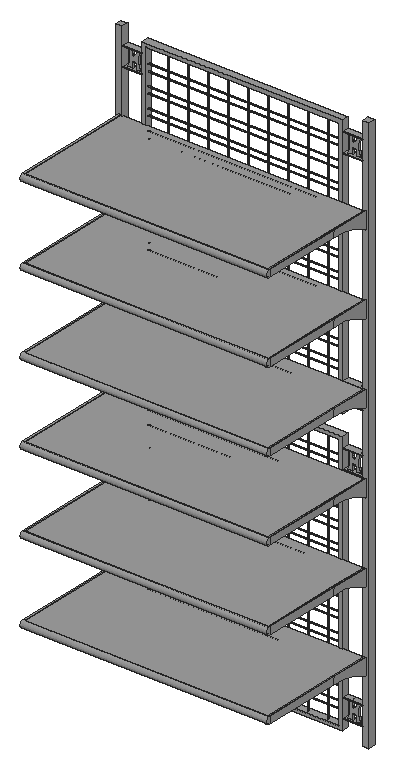
Revit family "LUXE", category Furniture, Revit 2012
Parameters
  Width Between Outriggers [instance] = Frame Width + 0' 7"  # 3' - 0"
  URL = "http://www.madixinc.com/display/luxe/"
  Top Grid on/off [instance] = yes
  Top Frame Height [instance] = 3' - 3 1/2"
  Spacing Between Grids [instance] = 0' - 3"
  Shelf Width [instance] = Width Between Outriggers + 0' 0 1/2"  # 3' - 0 1/2"
  Shelf Depth [instance] = 1' - 6"
  Shelf Material [instance] = Madix Default
  Shelf Frame Material [instance] = Madix Default
  Shelf 9-on/off [instance] = yes
  Shelf 8-on/off [instance] = no
  Shelf 7-on/off [instance] = no
  Shelf 6-on/off [instance] = yes
  Shelf 5-on/off [instance] = no
  Shelf 4-on/off [instance] = no
  Shelf 3-on/off [instance] = yes
  Shelf 24-on/off [instance] = no
  Shelf 23-on/off [instance] = no
  Shelf 22-on/off [instance] = no
  Shelf 21-on/off [instance] = no
  Shelf 20-on/off [instance] = no
  Shelf 2-on/off [instance] = no
  Shelf 19-on/off [instance] = no
  Shelf 18-on/off [instance] = yes
  Shelf 17-on/off [instance] = no
  Shelf 16-on/off [instance] = no
  Shelf 15-on/off [instance] = yes
  Shelf 14-on/off [instance] = no
  Shelf 13-on/off [instance] = no
  Shelf 12-on/off [instance] = yes
  Shelf 11-on/off [instance] = no
  Shelf 10-on/off [instance] = no
  Shelf 1-on/off [instance] = no
  Outrigger Height [instance] = Bottom Frame Height + Spacing Between Grids + Top Frame Height + 0' 2"  # 7' - 0"
  Model = "Luxe Aisle and Wall Fixture"
  Manufacturer = "© 2013 Madix, Inc. All rights reserved."
  MATERIAL [instance] = Madix Default
  Harmonic Grid Material [instance] = Madix Default
  Harmonic Grid Length = 2' - 0"
  Frame Width [instance] = 2' - 5"
  Distance Between Shelves [instance] = 0' - 1 1/2"
  Bottom Grid on/off [instance] = yes
  Bottom Frame Height [instance] = 3' - 3 1/2"
Reference planes (in)
  plane 1 "Center (Front/Back)": y = 0
  plane 2: z = 0
  plane 3 "Center (Left/Right)": x = 0
Forms (in)
  Extrusion 1, solid, material "Madix Default" <- "MATERIAL"
    sketch origin (0, 0, 0.7824) x (1, 0, 0) y (0, 1, 0)
      loop
        line (-4, 0.5) -> (-4, -0.5) -> (-2.99955, -0.5) -> (-2.99955, 0.5) -> (-4, 0.5)
    from -0.7824 to 83.2176
  Extrusion 2, solid, material "Madix Default" <- "MATERIAL"
    sketch origin (23.00045, 0, 0.7824) x (1, 0, 0) y (0, 1, 0)
      loop
        line (10, 0.5) -> (10, -0.5) -> (11.00045, -0.5) -> (11.00045, 0.5) -> (10, 0.5)
    from -0.7824 to 83.2176
Dimensions and locks (in)
  "Spacing Between Grids": nested 2 to nested 1
  "Outrigger Height": Extrusion 1 to Extrusion 1
  "Outrigger Height": Extrusion 2 to Extrusion 2
  locked: nested 1 to Extrusion 2 at 2.5
  "Width Between Outriggers": Extrusion 2 to Extrusion 1
  aligned and locked: plane 2 to level
  aligned and locked: Extrusion 1 to level
  aligned and locked: Extrusion 2 to level
Automatic sketch dimensions
  plane 1 "Center (Front/Back)" to Extrusion 1 sketch curve = 0' - 0 1/2"
  Extrusion 1 sketch curve to plane 3 "Center (Left/Right)" = 0' - 4"
  Extrusion 1 sketch curve to Extrusion 1 sketch curve = 0' - 1.00045"
  Extrusion 1 sketch curve to plane 1 "Center (Front/Back)" = 0' - 0 1/2"
  plane 1 "Center (Front/Back)" to Extrusion 2 sketch curve = 0' - 0 1/2"
  plane 3 "Center (Left/Right)" to Extrusion 2 sketch curve = 2' - 9.00045"
  Extrusion 2 sketch curve to Extrusion 2 sketch curve = 0' - 1.00045"
  Extrusion 2 sketch curve to plane 1 "Center (Front/Back)" = 0' - 0 1/2"
Nested families (in)
  nested 1: "Luxe_HarmonicGrid" at (0, 0, 0.99885), Frame Height <- "Bottom Frame Height", Frame Width <- "Frame Width", visible <- "Bottom Grid on/off", type "Luxe_HarmonicGrid"
    with Vertical Chord 3' - 3", Number of Vertical Chords 9, Number Of Chords 12, Horizontal Chord Width 2' - 5", Frame Width 2' - 5", Frame Height 3' - 3 1/2", Chord Width 1' - 5", Chord Spacing Vertically 0' - 3", Chord Spacing Horizontally 0' - 3", Chord Height 3' - 2 1/2"
  nested 2: "Luxe_HarmonicGrid" at (0, 0, 43.49885), Frame Height <- "Top Frame Height", Frame Width <- "Frame Width", visible <- "Top Grid on/off", type "Luxe_HarmonicGrid"
    with Vertical Chord 3' - 3", Number of Vertical Chords 9, Number Of Chords 12, Horizontal Chord Width 2' - 5", Frame Width 2' - 5", Frame Height 3' - 3 1/2", Chord Width 1' - 5", Chord Spacing Vertically 0' - 3", Chord Spacing Horizontally 0' - 3", Chord Height 3' - 2 1/2"
  nested 3: "Luxe_TubeLineShelfwithWoodTop" at (-3.5, -0.5, 3), Shelf Width <- "Shelf Width", Shelf Depth <- "Shelf Depth", visible <- "Shelf 1-on/off", Shelf Material <- "Shelf Material", Shelf Frame Material <- "Shelf Frame Material", type "Shelf 1"
    with Shelf Width 3' - 0 1/2", Shelf Material Madix Default, Shelf Frame Material Madix Default, Shelf Depth 1' - 6", Round Nose Width 3' - 1", Depth of Bracket 1' - 6"
  nested 4: "Luxe_TubeLineShelfwithWoodTop" at (-3.5, -0.5, 7), Shelf Width <- "Shelf Width", Shelf Depth <- "Shelf Depth", visible <- "Shelf 2-on/off", Shelf Material <- "Shelf Material", Shelf Frame Material <- "Shelf Frame Material", type "Shelf 1"
    with Shelf Width 3' - 0 1/2", Shelf Material Madix Default, Shelf Frame Material Madix Default, Shelf Depth 1' - 6", Round Nose Width 3' - 1", Depth of Bracket 1' - 6"
  nested 5: "Luxe_TubeLineShelfwithWoodTop" at (-3.5, -0.5, 11), Shelf Width <- "Shelf Width", Shelf Depth <- "Shelf Depth", visible <- "Shelf 3-on/off", Shelf Material <- "Shelf Material", Shelf Frame Material <- "Shelf Frame Material", type "Shelf 1"
    with Shelf Width 3' - 0 1/2", Shelf Material Madix Default, Shelf Frame Material Madix Default, Shelf Depth 1' - 6", Round Nose Width 3' - 1", Depth of Bracket 1' - 6"
  nested 6: "Luxe_TubeLineShelfwithWoodTop" at (-3.5, -0.5, 15), Shelf Width <- "Shelf Width", Shelf Depth <- "Shelf Depth", visible <- "Shelf 4-on/off", Shelf Material <- "Shelf Material", Shelf Frame Material <- "Shelf Frame Material", type "Shelf 1"
    with Shelf Width 3' - 0 1/2", Shelf Material Madix Default, Shelf Frame Material Madix Default, Shelf Depth 1' - 6", Round Nose Width 3' - 1", Depth of Bracket 1' - 6"
  nested 7: "Luxe_TubeLineShelfwithWoodTop" at (-3.5, -0.5, 19), Shelf Width <- "Shelf Width", Shelf Depth <- "Shelf Depth", visible <- "Shelf 5-on/off", Shelf Material <- "Shelf Material", Shelf Frame Material <- "Shelf Frame Material", type "Shelf 1"
    with Shelf Width 3' - 0 1/2", Shelf Material Madix Default, Shelf Frame Material Madix Default, Shelf Depth 1' - 6", Round Nose Width 3' - 1", Depth of Bracket 1' - 6"
  nested 8: "Luxe_TubeLineShelfwithWoodTop" at (-3.5, -0.5, 23), Shelf Width <- "Shelf Width", Shelf Depth <- "Shelf Depth", visible <- "Shelf 6-on/off", Shelf Material <- "Shelf Material", Shelf Frame Material <- "Shelf Frame Material", type "Shelf 1"
    with Shelf Width 3' - 0 1/2", Shelf Material Madix Default, Shelf Frame Material Madix Default, Shelf Depth 1' - 6", Round Nose Width 3' - 1", Depth of Bracket 1' - 6"
  nested 9: "Luxe_TubeLineShelfwithWoodTop" at (-3.5, -0.5, 27), Shelf Width <- "Shelf Width", Shelf Depth <- "Shelf Depth", visible <- "Shelf 7-on/off", Shelf Material <- "Shelf Material", Shelf Frame Material <- "Shelf Frame Material", type "Shelf 1"
    with Shelf Width 3' - 0 1/2", Shelf Material Madix Default, Shelf Frame Material Madix Default, Shelf Depth 1' - 6", Round Nose Width 3' - 1", Depth of Bracket 1' - 6"
  nested 10: "Luxe_TubeLineShelfwithWoodTop" at (-3.5, -0.5, 31), Shelf Width <- "Shelf Width", Shelf Depth <- "Shelf Depth", visible <- "Shelf 8-on/off", Shelf Material <- "Shelf Material", Shelf Frame Material <- "Shelf Frame Material", type "Shelf 1"
    with Shelf Width 3' - 0 1/2", Shelf Material Madix Default, Shelf Frame Material Madix Default, Shelf Depth 1' - 6", Round Nose Width 3' - 1", Depth of Bracket 1' - 6"
  nested 11: "Luxe_TubeLineShelfwithWoodTop" at (-3.5, -0.5, 35), Shelf Width <- "Shelf Width", Shelf Depth <- "Shelf Depth", visible <- "Shelf 9-on/off", Shelf Material <- "Shelf Material", Shelf Frame Material <- "Shelf Frame Material", type "Shelf 1"
    with Shelf Width 3' - 0 1/2", Shelf Material Madix Default, Shelf Frame Material Madix Default, Shelf Depth 1' - 6", Round Nose Width 3' - 1", Depth of Bracket 1' - 6"
  nested 12: "Luxe_TubeLineShelfwithWoodTop" at (-3.5, -0.5, 39), Shelf Width <- "Shelf Width", Shelf Depth <- "Shelf Depth", visible <- "Shelf 10-on/off", Shelf Material <- "Shelf Material", Shelf Frame Material <- "Shelf Frame Material", type "Shelf 1"
    with Shelf Width 3' - 0 1/2", Shelf Material Madix Default, Shelf Frame Material Madix Default, Shelf Depth 1' - 6", Round Nose Width 3' - 1", Depth of Bracket 1' - 6"
  nested 13: "Luxe_TubeLineShelfwithWoodTop" at (-3.5, -0.5, 43), Shelf Width <- "Shelf Width", Shelf Depth <- "Shelf Depth", visible <- "Shelf 11-on/off", Shelf Material <- "Shelf Material", Shelf Frame Material <- "Shelf Frame Material", type "Shelf 1"
    with Shelf Width 3' - 0 1/2", Shelf Material Madix Default, Shelf Frame Material Madix Default, Shelf Depth 1' - 6", Round Nose Width 3' - 1", Depth of Bracket 1' - 6"
  nested 14: "Luxe_TubeLineShelfwithWoodTop" at (-3.5, -0.5, 47), Shelf Width <- "Shelf Width", Shelf Depth <- "Shelf Depth", visible <- "Shelf 12-on/off", Shelf Material <- "Shelf Material", Shelf Frame Material <- "Shelf Frame Material", type "Shelf 1"
    with Shelf Width 3' - 0 1/2", Shelf Material Madix Default, Shelf Frame Material Madix Default, Shelf Depth 1' - 6", Round Nose Width 3' - 1", Depth of Bracket 1' - 6"
  nested 15: "Luxe_TubeLineShelfwithWoodTop" at (-3.5, -0.5, 51), Shelf Width <- "Shelf Width", Shelf Depth <- "Shelf Depth", visible <- "Shelf 13-on/off", Shelf Material <- "Shelf Material", Shelf Frame Material <- "Shelf Frame Material", type "Shelf 1"
    with Shelf Width 3' - 0 1/2", Shelf Material Madix Default, Shelf Frame Material Madix Default, Shelf Depth 1' - 6", Round Nose Width 3' - 1", Depth of Bracket 1' - 6"
  nested 16: "Luxe_TubeLineShelfwithWoodTop" at (-3.5, -0.5, 55), Shelf Width <- "Shelf Width", Shelf Depth <- "Shelf Depth", visible <- "Shelf 14-on/off", Shelf Material <- "Shelf Material", Shelf Frame Material <- "Shelf Frame Material", type "Shelf 1"
    with Shelf Width 3' - 0 1/2", Shelf Material Madix Default, Shelf Frame Material Madix Default, Shelf Depth 1' - 6", Round Nose Width 3' - 1", Depth of Bracket 1' - 6"
  nested 17: "Luxe_TubeLineShelfwithWoodTop" at (-3.5, -0.5, 59), Shelf Width <- "Shelf Width", Shelf Depth <- "Shelf Depth", visible <- "Shelf 15-on/off", Shelf Material <- "Shelf Material", Shelf Frame Material <- "Shelf Frame Material", type "Shelf 1"
    with Shelf Width 3' - 0 1/2", Shelf Material Madix Default, Shelf Frame Material Madix Default, Shelf Depth 1' - 6", Round Nose Width 3' - 1", Depth of Bracket 1' - 6"
  nested 18: "Luxe_TubeLineShelfwithWoodTop" at (-3.5, -0.5, 63), Shelf Width <- "Shelf Width", Shelf Depth <- "Shelf Depth", visible <- "Shelf 16-on/off", Shelf Material <- "Shelf Material", Shelf Frame Material <- "Shelf Frame Material", type "Shelf 1"
    with Shelf Width 3' - 0 1/2", Shelf Material Madix Default, Shelf Frame Material Madix Default, Shelf Depth 1' - 6", Round Nose Width 3' - 1", Depth of Bracket 1' - 6"
  nested 19: "Luxe_TubeLineShelfwithWoodTop" at (-3.5, -0.5, 67), Shelf Width <- "Shelf Width", Shelf Depth <- "Shelf Depth", visible <- "Shelf 17-on/off", Shelf Material <- "Shelf Material", Shelf Frame Material <- "Shelf Frame Material", type "Shelf 1"
    with Shelf Width 3' - 0 1/2", Shelf Material Madix Default, Shelf Frame Material Madix Default, Shelf Depth 1' - 6", Round Nose Width 3' - 1", Depth of Bracket 1' - 6"
  nested 20: "Luxe_TubeLineShelfwithWoodTop" at (-3.5, -0.5, 71), Shelf Width <- "Shelf Width", Shelf Depth <- "Shelf Depth", visible <- "Shelf 18-on/off", Shelf Material <- "Shelf Material", Shelf Frame Material <- "Shelf Frame Material", type "Shelf 1"
    with Shelf Width 3' - 0 1/2", Shelf Material Madix Default, Shelf Frame Material Madix Default, Shelf Depth 1' - 6", Round Nose Width 3' - 1", Depth of Bracket 1' - 6"
  nested 21: "Luxe_TubeLineShelfwithWoodTop" at (-3.5, -0.5, 75), Shelf Width <- "Shelf Width", Shelf Depth <- "Shelf Depth", visible <- "Shelf 19-on/off", Shelf Material <- "Shelf Material", Shelf Frame Material <- "Shelf Frame Material", type "Shelf 1"
    with Shelf Width 3' - 0 1/2", Shelf Material Madix Default, Shelf Frame Material Madix Default, Shelf Depth 1' - 6", Round Nose Width 3' - 1", Depth of Bracket 1' - 6"
  nested 22: "Luxe_TubeLineShelfwithWoodTop" at (-3.5, -0.5, 79), Shelf Width <- "Shelf Width", Shelf Depth <- "Shelf Depth", visible <- "Shelf 20-on/off", Shelf Material <- "Shelf Material", Shelf Frame Material <- "Shelf Frame Material", type "Shelf 1"
    with Shelf Width 3' - 0 1/2", Shelf Material Madix Default, Shelf Frame Material Madix Default, Shelf Depth 1' - 6", Round Nose Width 3' - 1", Depth of Bracket 1' - 6"
  nested 23: "Luxe_TubeLineShelfwithWoodTop" at (-3.5, -0.5, 83), Shelf Width <- "Shelf Width", Shelf Depth <- "Shelf Depth", visible <- "Shelf 21-on/off", Shelf Material <- "Shelf Material", Shelf Frame Material <- "Shelf Frame Material", type "Shelf 1"
    with Shelf Width 3' - 0 1/2", Shelf Material Madix Default, Shelf Frame Material Madix Default, Shelf Depth 1' - 6", Round Nose Width 3' - 1", Depth of Bracket 1' - 6"
  nested 24: "Luxe_TubeLineShelfwithWoodTop" at (-3.5, -0.5, 87), Shelf Width <- "Shelf Width", Shelf Depth <- "Shelf Depth", visible <- "Shelf 22-on/off", Shelf Material <- "Shelf Material", Shelf Frame Material <- "Shelf Frame Material", type "Shelf 1"
    with Shelf Width 3' - 0 1/2", Shelf Material Madix Default, Shelf Frame Material Madix Default, Shelf Depth 1' - 6", Round Nose Width 3' - 1", Depth of Bracket 1' - 6"
  nested 25: "Luxe_TubeLineShelfwithWoodTop" at (-3.5, -0.5, 91), Shelf Width <- "Shelf Width", Shelf Depth <- "Shelf Depth", visible <- "Shelf 23-on/off", Shelf Material <- "Shelf Material", Shelf Frame Material <- "Shelf Frame Material", type "Shelf 1"
    with Shelf Width 3' - 0 1/2", Shelf Material Madix Default, Shelf Frame Material Madix Default, Shelf Depth 1' - 6", Round Nose Width 3' - 1", Depth of Bracket 1' - 6"
  nested 26: "Luxe_TubeLineShelfwithWoodTop" at (-3.5, -0.5, 95), Shelf Width <- "Shelf Width", Shelf Depth <- "Shelf Depth", visible <- "Shelf 24-on/off", Shelf Material <- "Shelf Material", Shelf Frame Material <- "Shelf Frame Material", type "Shelf 1"
    with Shelf Width 3' - 0 1/2", Shelf Material Madix Default, Shelf Frame Material Madix Default, Shelf Depth 1' - 6", Round Nose Width 3' - 1", Depth of Bracket 1' - 6"
Definition of nested family "Luxe_HarmonicGrid"
  Parameters (values of type "Luxe_HarmonicGrid")
    Vertical Chord [instance] = Frame Height - 0' 0 1/2"  # 2' - 5 1/2"
    Number of Vertical Chords [instance] = (Frame Width / Chord Spacing Horizontally) - 1  # 4
    Number Of Chords [instance] = (Frame Height / Chord Spacing Vertically) - 1  # 9
    Horizontal Chord Width [instance] = Frame Width  # 1' - 3"
    Harmonic Grid Material = Madix Default
    Frame Width [instance] = 1' - 3"
    Frame Height [instance] = 2' - 6"
    Chord Width [instance] = 1' - 5"
    Chord Spacing Vertically [instance] = 0' - 3"
    Chord Spacing Horizontally [instance] = 0' - 3"
    Chord Height [instance] = Frame Height - 0' 1"  # 2' - 5"
  Reference planes (in)
    plane 1 "Center (Front/Back)": y = 0
    plane 2: z = 0
    plane 3 "Center (Left/Right)": x = 0
    plane 4: z = 30
    plane 5: z = 29.5
  Forms (in)
    Extrusion 1, solid, material "Madix Default" <- "Harmonic Grid Material"
      sketch origin (0.5, 0.5, 38.5625) x (0, 0, -1) y (1, 0, 0)
        loop
          line (38.5625, -0.49955) -> (38.5625, 15.50045) -> (8.5625, 15.50045) -> (8.5625, -0.49955) -> (38.5625, -0.49955)
        loop
          line (9.0625, 15.00045) -> (9.0625, 0.00045) -> (38.0625, 0.00045) -> (38.0625, 15.00045) -> (9.0625, 15.00045)
      from 0 to 1
  Lines and regions (in)
    reference lines
      curve 1: line (0, 0.5, 30) -> (0, 0.5, -3)
  Dimensions and locks (in)
    "Frame Height": plane 4 to level
    "Vertical Chord": plane 5 to level
    locked: nested 3 to Extrusion 1 at 1.50115
    locked: nested 4 to Extrusion 1 at 1.50115
    locked: Extrusion 1 to nested 1 at 1.5
    locked: Extrusion 1 to nested 2 at 1.5
    "Chord Spacing Horizontally": nested 5 to Extrusion 1
    "Frame Width": Extrusion 1 to Extrusion 1
    equal spacing: group 1, group 2, group 3, group 4  (x3)
    nested 8 to nested 8 = 1' - 3"
    nested 9 to nested 9 = 1' - 3"
    locked: nested 1 to Extrusion 1 at 3
    locked: nested 3 to Extrusion 1 at 3
    "Chord Spacing Vertically": nested 8 to Extrusion 1
    locked: nested 8 to nested 9 at 1
    locked: nested 11 to nested 12 at 1
    equal spacing: group 5, group 6, group 7, group 8, group 9, group 10, group 11, group 12, group 13  (x3)
    locked: nested 13 to nested 14 at 1
    locked: nested 15 to nested 16 at 1
    locked: nested 17 to nested 18 at 1
    locked: nested 19 to nested 20 at 1
    locked: nested 21 to nested 22 at 1
    locked: nested 23 to nested 24 at 1
    locked: nested 25 to nested 26 at 1
    aligned and locked: plane 2 to level
    aligned and locked: plane 4 to Extrusion 1
    aligned and locked: level to Extrusion 1
    aligned and locked: curve 1 to plane 3 "Center (Left/Right)"
  Automatic sketch dimensions
    Extrusion 1 sketch curve to plane 4 = 0' - 0"
    Extrusion 1 sketch curve to level = 0' - 0"
    Extrusion 1 sketch curve to plane 4 = 0' - 0 1/2"
    level to Extrusion 1 sketch curve = 0' - 0 1/2"
    plane 3 "Center (Left/Right)" to Extrusion 1 sketch curve = 0' - 0.00045"
    Extrusion 1 sketch curve to Extrusion 1 sketch curve = 0' - 0 1/2"  (x2)
    plane 3 "Center (Left/Right)" to Extrusion 1 sketch curve = 1' - 3.50045"
    curve 1 to plane 4 = 0' - 0"
    curve 1 to level = 0' - 3"
  Nested families (in)
    nested 1: "H_Bracket" at (17.50045, 0, -8.9676), H-Bracket Material <- "Harmonic Grid Material", type "H_Bracket"
      with H-Bracket Material Madix Default
    nested 2: "H_Bracket" at (-1.49955, 0, -8.9676), H-Bracket Material <- "Harmonic Grid Material", type "H_Bracket"
      with H-Bracket Material Madix Default
    nested 3: "H_Bracket" at (17.50045, 0, -32.96644), H-Bracket Material <- "Harmonic Grid Material", type "H_Bracket"
      with H-Bracket Material Madix Default
    nested 4: "H_Bracket" at (-1.49955, 0, -32.96644), H-Bracket Material <- "Harmonic Grid Material", type "H_Bracket"
      with H-Bracket Material Madix Default
    nested 5: "Family1" at (3.50045, 0, 0.5), Chord Height <- "Chord Height", Chord Material <- "Harmonic Grid Material", type "Family1"
      with Chord Material Madix Default, Chord Height 2' - 5"
    nested 6: "Family1" at (6.50045, 0, 0.5), Chord Height <- "Chord Height", Chord Material <- "Harmonic Grid Material", type "Family1"
      with Chord Material Madix Default, Chord Height 2' - 5"
    nested 7: "Family1" at (9.50045, 0, 0.5), Chord Height <- "Chord Height", Chord Material <- "Harmonic Grid Material", type "Family1"
      with Chord Material Madix Default, Chord Height 2' - 5"
    nested 8: "Family4" at (0.50045, 0, 3.5), Chord Material <- "Harmonic Grid Material", Horizontal Chord Width <- "Horizontal Chord Width", type "Family4"
      with Horizontal Chord Width 1' - 3", Chord Material Madix Default
    nested 9: "Family4" at (0.50045, 0, 2.5), Chord Material <- "Harmonic Grid Material", Horizontal Chord Width <- "Horizontal Chord Width", type "Family4"
      with Horizontal Chord Width 1' - 3", Chord Material Madix Default
    nested 10: "Family1" at (12.50045, 0, 0.5), Chord Height <- "Chord Height", Chord Material <- "Harmonic Grid Material", type "Family1"
      with Chord Material Madix Default, Chord Height 2' - 5"
    nested 11: "Family4" at (0.50045, 0, 6.5), Chord Material <- "Harmonic Grid Material", Horizontal Chord Width <- "Horizontal Chord Width", type "Family4"
      with Horizontal Chord Width 1' - 3", Chord Material Madix Default
    nested 12: "Family4" at (0.50045, 0, 5.5), Chord Material <- "Harmonic Grid Material", Horizontal Chord Width <- "Horizontal Chord Width", type "Family4"
      with Horizontal Chord Width 1' - 3", Chord Material Madix Default
    nested 13: "Family4" at (0.50045, 0, 9.5), Chord Material <- "Harmonic Grid Material", Horizontal Chord Width <- "Horizontal Chord Width", type "Family4"
      with Horizontal Chord Width 1' - 3", Chord Material Madix Default
    nested 14: "Family4" at (0.50045, 0, 8.5), Chord Material <- "Harmonic Grid Material", Horizontal Chord Width <- "Horizontal Chord Width", type "Family4"
      with Horizontal Chord Width 1' - 3", Chord Material Madix Default
    nested 15: "Family4" at (0.50045, 0, 12.5), Chord Material <- "Harmonic Grid Material", Horizontal Chord Width <- "Horizontal Chord Width", type "Family4"
      with Horizontal Chord Width 1' - 3", Chord Material Madix Default
    nested 16: "Family4" at (0.50045, 0, 11.5), Chord Material <- "Harmonic Grid Material", Horizontal Chord Width <- "Horizontal Chord Width", type "Family4"
      with Horizontal Chord Width 1' - 3", Chord Material Madix Default
    nested 17: "Family4" at (0.50045, 0, 15.5), Chord Material <- "Harmonic Grid Material", Horizontal Chord Width <- "Horizontal Chord Width", type "Family4"
      with Horizontal Chord Width 1' - 3", Chord Material Madix Default
    nested 18: "Family4" at (0.50045, 0, 14.5), Chord Material <- "Harmonic Grid Material", Horizontal Chord Width <- "Horizontal Chord Width", type "Family4"
      with Horizontal Chord Width 1' - 3", Chord Material Madix Default
    nested 19: "Family4" at (0.50045, 0, 18.5), Chord Material <- "Harmonic Grid Material", Horizontal Chord Width <- "Horizontal Chord Width", type "Family4"
      with Horizontal Chord Width 1' - 3", Chord Material Madix Default
    nested 20: "Family4" at (0.50045, 0, 17.5), Chord Material <- "Harmonic Grid Material", Horizontal Chord Width <- "Horizontal Chord Width", type "Family4"
      with Horizontal Chord Width 1' - 3", Chord Material Madix Default
    nested 21: "Family4" at (0.50045, 0, 21.5), Chord Material <- "Harmonic Grid Material", Horizontal Chord Width <- "Horizontal Chord Width", type "Family4"
      with Horizontal Chord Width 1' - 3", Chord Material Madix Default
    nested 22: "Family4" at (0.50045, 0, 20.5), Chord Material <- "Harmonic Grid Material", Horizontal Chord Width <- "Horizontal Chord Width", type "Family4"
      with Horizontal Chord Width 1' - 3", Chord Material Madix Default
    nested 23: "Family4" at (0.50045, 0, 24.5), Chord Material <- "Harmonic Grid Material", Horizontal Chord Width <- "Horizontal Chord Width", type "Family4"
      with Horizontal Chord Width 1' - 3", Chord Material Madix Default
    nested 24: "Family4" at (0.50045, 0, 23.5), Chord Material <- "Harmonic Grid Material", Horizontal Chord Width <- "Horizontal Chord Width", type "Family4"
      with Horizontal Chord Width 1' - 3", Chord Material Madix Default
    nested 25: "Family4" at (0.50045, 0, 27.5), Chord Material <- "Harmonic Grid Material", Horizontal Chord Width <- "Horizontal Chord Width", type "Family4"
      with Horizontal Chord Width 1' - 3", Chord Material Madix Default
    nested 26: "Family4" at (0.50045, 0, 26.5), Chord Material <- "Harmonic Grid Material", Horizontal Chord Width <- "Horizontal Chord Width", type "Family4"
      with Horizontal Chord Width 1' - 3", Chord Material Madix Default
  Definition of nested family "H_Bracket"
    Parameters (values of type "H_Bracket")
      H-Bracket Material [instance] = Default
    Reference planes (in)
      plane 1 "Center (Front/Back)": y = 0
      plane 2: z = 0
      plane 3 "Center (Left/Right)": x = 0
    Forms (in)
      Extrusion 1, solid, material "Default" <- "H-Bracket Material"
        sketch origin (10.59761, 0.0625, 38.9676) x (-1, 0, 0) y (0, 0, -1)
          loop
            line (10.86846, 4.375) -> (10.86846, 3.64145)
            arc (10.86846, 3.64145) -> (10.59761, 3.3706) -> (10.32676, 3.64145) r 0.27085
            line (10.32676, 3.64145) -> (10.32676, 4.375) -> (9.58151, 4.375)
            arc (9.58151, 4.375) -> (9.93052, 3) -> (9.58151, 1.625) r 2.88304
            line (9.58151, 1.625) -> (10.32676, 1.625) -> (10.32676, 2.35855)
            arc (10.32676, 2.35855) -> (10.59761, 2.6294) -> (10.86846, 2.35855) r 0.27085
            line (10.86846, 2.35855) -> (10.86846, 1.625) -> (11.61371, 1.625)
            arc (11.61371, 1.625) -> (11.2647, 3) -> (11.61371, 4.375) r 2.88304
            line (11.61371, 4.375) -> (10.86846, 4.375)
        from 0 to 0.125
      Extrusion 2, solid, material "Default" <- "H-Bracket Material"
        sketch origin (11, 0.5, -0.0324) x (-1, 0, 0) y (0, 0, -1)
          loop
            line (9.5, -37.5) -> (12.5, -37.5) -> (12.5, -37.375) -> (9.5, -37.375) -> (9.5, -37.5)
        from 0 to 1
      Extrusion 3, solid, material "Default" <- "H-Bracket Material"
        sketch origin (11, 0.5, 71.9676) x (-1, 0, 0) y (0, 0, -1)
          loop
            line (9.5, 37.5) -> (9.5, 37.375) -> (12.5, 37.375) -> (12.5, 37.5) -> (9.5, 37.5)
        from 0 to 1
    Dimensions and locks (in)
      aligned and locked: plane 2 to level
      aligned and locked: Extrusion 1 to Extrusion 3  (x3)
      aligned and locked: Extrusion 1 to Extrusion 2  (x3)
  Definition of nested family "Family1"
    Parameters (values of type "Family1")
      Chord Material [instance] = none
      Chord Height [instance] = 3' - 0"
    Reference planes (in)
      plane 1 "Center (Front/Back)": y = 0
      plane 2: z = 0
      plane 3 "Center (Left/Right)": x = 0
      plane 4: x = 0
      plane 5: y = 0
    Forms (in)
      Extrusion 1, solid, material <- "Chord Material"
        sketch origin (0, 0, 0) x (1, 0, 0) y (0, 1, 0)
          loop
            circle (0, 0) r 0.0625
        from 0 to 36
    Dimensions and locks (in)
      "Chord Height": Extrusion 1 to Extrusion 1
      aligned and locked: plane 2 to level
    Automatic sketch dimensions
      plane 1 "Center (Front/Back)" to Extrusion 1 sketch curve = 0' - 0"
      Extrusion 1 sketch curve to plane 3 "Center (Left/Right)" = 0' - 0"
      radius of Extrusion 1 sketch curve = 0' - 0 1/16"
  Definition of nested family "Family4"
    Parameters (values of type "Family4")
      Horizontal Chord Width [instance] = 1' - 6"
      Chord Material [instance] = none
    Reference planes (in)
      plane 1 "Center (Front/Back)": y = 0
      plane 2: z = 0
      plane 3 "Center (Left/Right)": x = 0
      plane 4: y = 0
      plane 5: z = 0
      plane 6: x = 0
    Forms (in)
      Extrusion 1, solid, material <- "Chord Material"
        sketch origin (0, 0, 0) x (0, 1, 0) y (0, 0, 1)
          loop
            circle (0, 0) r 0.0625
        from 0 to 18
    Dimensions and locks (in)
      "Horizontal Chord Width": plane 6 to Extrusion 1
      "Horizontal Chord Width": Extrusion 1 to Extrusion 1
      aligned and locked: plane 2 to level
      aligned and locked: plane 6 to Extrusion 1
    Automatic sketch dimensions
      Extrusion 1 sketch curve to level = 0' - 0"
      Extrusion 1 sketch curve to plane 1 "Center (Front/Back)" = 0' - 0"
      radius of Extrusion 1 sketch curve = 0' - 0 1/16"
Definition of nested family "Luxe_TubeLineShelfwithWoodTop"
  Parameters (values of type "Shelf 16")
    Shelf Width [instance] = 1' - 6"
    Shelf Material [instance] = Madix Default
    Shelf Frame Material [instance] = Madix Default
    Shelf Depth [instance] = 1' - 6"
    Round Nose Width [instance] = Shelf Width + 0' 0 1/2"  # 1' - 6 1/2"
    Depth of Bracket [instance] = 1' - 6"
  Types (16): name | Shelf Width | Shelf Material | Shelf Frame Material | Shelf Depth | Round Nose Width
    Shelf 16 | 1' - 6" | Madix Default | Madix Default | 1' - 6" | 1' - 6 1/2"
    Shelf 15 | 1' - 11" | Default | Default | 1' - 1 1/2" | 1' - 11 1/2"
    Shelf 14 | 1' - 11" | Default | Default | 1' - 1 1/2" | 1' - 11 1/2"
    Shelf 13 | 1' - 11" | Default | Default | 1' - 1 1/2" | 1' - 11 1/2"
    Shelf 12 | 1' - 11" | Default | Default | 1' - 1 1/2" | 1' - 11 1/2"
    Shelf 11 | 1' - 11" | Default | Default | 1' - 1 1/2" | 1' - 11 1/2"
    Shelf 10 | 1' - 11" | Default | Default | 1' - 1 1/2" | 1' - 11 1/2"
    Shelf 9 | 1' - 11" | Default | Default | 1' - 1 1/2" | 1' - 11 1/2"
    Shelf 8 | 1' - 11" | Default | Default | 1' - 1 1/2" | 1' - 11 1/2"
    Shelf 7 | 1' - 11" | Default | Default | 1' - 1 1/2" | 1' - 11 1/2"
    Shelf 6 | 1' - 11" | Default | Default | 1' - 1 1/2" | 1' - 11 1/2"
    Shelf 5 | 1' - 11" | Default | Default | 1' - 1 1/2" | 1' - 11 1/2"
    Shelf 4 | 1' - 11" | Default | Default | 1' - 1 1/2" | 1' - 11 1/2"
    Shelf 3 | 1' - 11" | Default | Default | 1' - 1 1/2" | 1' - 11 1/2"
    Shelf 2 | 1' - 11" | Default | Default | 1' - 1 1/2" | 1' - 11 1/2"
    Shelf 1 | 1' - 11" | Default | Default | 1' - 1 1/2" | 1' - 11 1/2"
  Reference planes (in)
    plane 1 "Center (Front/Back)": y = 0
    plane 2: z = 0
    plane 3 "Center (Left/Right)": x = 0
    plane 4: y = -18
    plane 5: z = 0.5
    plane 6: y = -18
    plane 7: z = 0.5
    plane 8: z = 0.5
  Forms (in)
    Extrusion 1, solid, material "Madix Default" <- "Shelf Material"
      sketch origin (0.25, 0, 0) x (1, 0, 0) y (0, 0, 1)
        loop
          line (0, 0) -> (18, 0) -> (18, 1) -> (0, 1) -> (0, 0)
      from 0 to 18
    Extrusion 2, solid, material "Madix Default" <- "Shelf Frame Material"
      sketch origin (24.25, 0, 0) x (0, 1, 0) y (0, 0, 1)
        loop
          line (-18, 0) -> (-6, 0) -> (-6, 1) -> (-18, 1) -> (-18, 0)
      from -6 to -5.75
    Extrusion 3, solid, material "Madix Default" <- "Shelf Frame Material"
      sketch origin (24.25, 0, 0) x (0, 1, 0) y (0, 0, 1)
        loop
          line (0, 1) -> (-6, 1) -> (-6, 0)
          arc (-6, 0) -> (-2.88674, -0.29695) -> (0, -1.5) r 10.47182
          line (0, -1.5) -> (0, 1)
      from -6 to -5.75
    Extrusion 4, solid, material "Madix Default" <- "Shelf Frame Material"
      sketch origin (0, 0, 0) x (0, 1, 0) y (0, 0, 1)
        loop
          line (0, 1) -> (-6, 1) -> (-6, 0)
          arc (-6, 0) -> (-2.88674, -0.29695) -> (0, -1.5) r 10.47182
          line (0, -1.5) -> (0, 1)
      from 0 to 0.25
    Extrusion 5, solid, material "Madix Default" <- "Shelf Frame Material"
      sketch origin (0, 0, 0) x (0, 1, 0) y (0, 0, 1)
        loop
          line (-18, 0) -> (-6, 0) -> (-6, 1) -> (-18, 1) -> (-18, 0)
      from 0 to 0.25
    Extrusion 6, solid, material "Madix Default" <- "Shelf Frame Material"
      sketch origin (0, 0, 0) x (0, 1, 0) y (0, 0, 1)
        loop
          arc (-18, 1) -> (-18.5, 0.5) -> (-18, 0) r 0.5
          line (-18, 0) -> (-18, 1)
      from 0 to 18.5
  Lines and regions (in)
    reference lines
      curve 1: line (0.25, 0, 0) -> (0.25, -25.75, 0)
  Dimensions and locks (in)
    "Shelf Depth": Extrusion 1 to Extrusion 1
    "Shelf Width": Extrusion 1 to Extrusion 1
    locked: Extrusion 4 to curve 1 at 0.25
    locked: Extrusion 5 to curve 1 at 0.25
    locked: Extrusion 2 to Extrusion 2 at 0.25
    locked: Extrusion 1 to Extrusion 3 at 0.25
    "Round Nose Width": Extrusion 6 to Extrusion 6
    Extrusion 6 to Extrusion 2 = 0' - 0 1/2"
    aligned and locked: plane 2 to level
    aligned and locked: Extrusion 1 to plane 1 "Center (Front/Back)"
    aligned and locked: Extrusion 2 to Extrusion 1
    aligned and locked: curve 1 to Extrusion 1
    aligned and locked: Extrusion 5 to curve 1
    aligned and locked: Extrusion 4 to curve 1
    aligned and locked: Extrusion 1 to Extrusion 3
    aligned and locked: Extrusion 5 to Extrusion 1
    aligned and locked: Extrusion 6 to Extrusion 1
    aligned and locked: Extrusion 2 to Extrusion 6
  Automatic sketch dimensions
    Extrusion 1 sketch curve to level = 0' - 0"
    plane 3 "Center (Left/Right)" to Extrusion 1 sketch curve = 0' - 0 1/4"
    Extrusion 1 sketch curve to Extrusion 1 sketch curve = 1' - 6"
    level to Extrusion 1 sketch curve = 0' - 1"
    Extrusion 2 sketch curve to level = 0' - 0"
    plane 4 to Extrusion 2 sketch curve = 0' - 0"
    plane 5 to Extrusion 2 sketch curve = 0' - 0 1/2"
    plane 1 "Center (Front/Back)" to Extrusion 2 sketch curve = 0' - 6"
    Extrusion 3 sketch curve to level = 0' - 0"
    Extrusion 3 sketch curve to plane 1 "Center (Front/Back)" = 0' - 0"
    plane 1 "Center (Front/Back)" to Extrusion 3 sketch curve = 0' - 5.42653"
    plane 1 "Center (Front/Back)" to Extrusion 3 sketch curve = 0' - 6"
    Extrusion 3 sketch curve to level = 0' - 1 1/2"
    level to Extrusion 3 sketch curve = 0' - 1"
    Extrusion 4 sketch curve to level = 0' - 0"
    Extrusion 4 sketch curve to plane 1 "Center (Front/Back)" = 0' - 0"
    plane 1 "Center (Front/Back)" to Extrusion 4 sketch curve = 0' - 5.42653"
    plane 1 "Center (Front/Back)" to Extrusion 4 sketch curve = 0' - 6"
    Extrusion 4 sketch curve to level = 0' - 1 1/2"
    level to Extrusion 4 sketch curve = 0' - 1"
    Extrusion 5 sketch curve to level = 0' - 0"
    plane 6 to Extrusion 5 sketch curve = 0' - 0"
    plane 7 to Extrusion 5 sketch curve = 0' - 0 1/2"
    plane 1 "Center (Front/Back)" to Extrusion 5 sketch curve = 0' - 6"
    plane 1 "Center (Front/Back)" to curve 1 = 0' - 0"
    plane 3 "Center (Left/Right)" to curve 1 = 0' - 0 1/4"
    curve 1 to curve 1 = 2' - 1 3/4"
    Extrusion 6 sketch curve to level = 0' - 0"
    level to Extrusion 6 sketch curve = 0' - 1"
    plane 1 "Center (Front/Back)" to Extrusion 6 sketch curve = 1' - 6"
